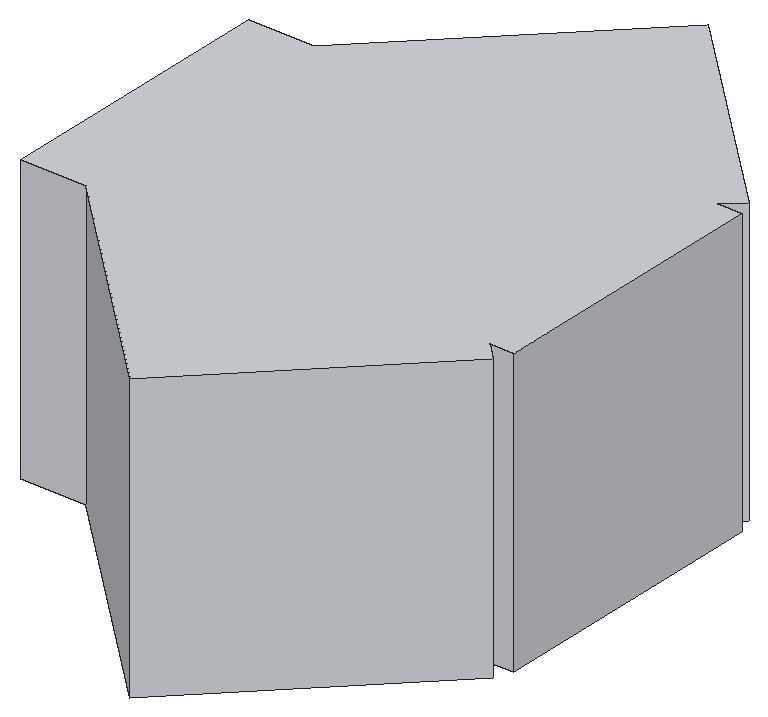
Revit family "1b20f22b3a714cf0b36cb8f03e815463", category Duct Fittings, Revit 2021
Family settings
  Round Connector Dimension = Use Diameter
  Part Type = Wye
  OmniClass Number = 23.75.70.14
  OmniClass Title = Air Ductwork
  Seek Item ID = Rectangular Double Wye-0000-USA-ENU
  Work Plane-Based = No
  Always vertical = Yes
  Cut with Voids When Loaded = No
  Shared = No
Parameters (values of type "Standard")
  Duct Width 4 [instance] = 12"
  Duct Width 3 [instance] = 12"
  Duct Width 1 [instance] = 12"
  built-in parameter 1114242 [instance] = 1
  Shoulder = 1"
  Length4a [instance] = if(Angle4 = 90.00°, (Duct Width 1 / 2), (Duct Width 1 / 2) / sin(Angle4) + (Duct Width 4) / (tan(Angle4) * 2))  # 14.48528"
  Length4 [instance] = Length4a + Shoulder  # 15.48528"
  Length3a [instance] = if(Angle3 = 90.00°, (Duct Width 1 / 2), (Duct Width 1 / 2) / sin(Angle3) + (Duct Width 3) / (tan(Angle3) * 2))  # 14.48528"
  Length3 [instance] = Length3a + Shoulder  # 15.48528"
  Length2b [instance] = (Length4a) * cos(Angle4) + (sin(Angle4) * (Duct Width 4 / 2))  # 14.48528"
  Length2 [instance] = Length2c + Shoulder  # 15.48528"
  Length2a [instance] = (Length3a) * cos(Angle3) + (sin(Angle3) * (Duct Width 3 / 2))  # 14.48528"
  Length1b [instance] = Duct Width 3 * sin(Angle3) / 2  # 4.24264"
  Length1a [instance] = Duct Width 4 * sin(Angle4) / 2  # 4.24264"
  Length1 [instance] = if(Length1a > Length1b, Length1a + Shoulder, Length1b + Shoulder)  # 5.24264"
  Length2c [instance] = if(Length2b > Length2a, Length2b, Length2a)  # 14.48528"
  Duct Height [instance] = 12"
  Default Elevation = 0' - 0"
  Angle4 [instance] = 45.00°
  Angle3 [instance] = 45.00°
Reference planes (in)
  plane 1 "Center (Front/Back)": y = 0
  plane 2: z = 0
  plane 3 "Center (Left/Right)": x = 0
  plane 4: x = -5.24264
  plane 5: x = 15.48528
  plane 6: x = -10.48528
Forms (in)
  Sweep 1, solid, detail levels medium+fine
    path in 3D
      loop
        line (-5.24264, 0, 0) -> (0, 0, 0)
    profile "Duct - Rectangular : Duct - Rectangular 1" origin (-2.62132, 0, 0) x (0, 1, 0) y (0, 0, 1)
      loop
        line (-6, 6) -> (-6, -6) -> (6, -6) -> (6, 6) -> (-6, 6)
  Sweep 2, solid, detail levels medium+fine
    path in 3D
      loop
        line (0, 0, 0) -> (15.48528, 0, 0)
    profile "Duct - Rectangular : Duct - Rectangular 1" origin (7.74264, 0, 0) x (0, 1, 0) y (0, 0, 1)
      loop
        line (-6, 6) -> (-6, -6) -> (6, -6) -> (6, 6) -> (-6, 6)
  Sweep 3, solid, detail levels medium+fine
    path in 3D
      loop
        line (0, 0, 0) -> (10.94975, 10.94975, 0)
    profile "Duct - Rectangular : Duct - Rectangular 3" origin (5.47487, 5.47487, 0) x (-0.707107, 0.707107, 0) y (0, 0, 1)
      loop
        line (-6, 6) -> (-6, -6) -> (6, -6) -> (6, 6) -> (-6, 6)
  Sweep 4, solid, detail levels medium+fine
    path in 3D
      loop
        line (0, 0, 0) -> (10.94975, -10.94975, 0)
    profile "Duct - Rectangular : Duct - Rectangular 4" origin (5.47487, -5.47487, 0) x (0.707107, 0.707107, 0) y (0, 0, 1)
      loop
        line (-6, 6) -> (-6, -6) -> (6, -6) -> (6, 6) -> (-6, 6)
  Sweep 5, void, detail levels coarse
    path in 3D
      loop
        line (-5.24264, 0, 0) -> (-10.48528, 0, 0)
    profile "Duct - Rectangular : Duct - Rectangular 1" origin (-7.86396, 0, 0) x (0, -1, 0) y (0, 0, 1)
      loop
        line (-6, 6) -> (-6, -6) -> (6, -6) -> (6, 6) -> (-6, 6)
Cuts and joins
  Sweep 5 cuts Sweep 1
  Sweep 5 cuts Sweep 2
  Sweep 5 cuts Sweep 3
  Sweep 5 cuts Sweep 4
  joined: Sweep 1, Sweep 2, Sweep 3, Sweep 4
Lines and regions (in)
  reference lines
    curve 1: line (-5.24264, 0, 0) -> (0, 0, 0)
    curve 2: line (0, 0, 0) -> (15.48528, 0, 0)
    curve 3: line (0, 0, 0) -> (10.94975, 10.94975, 0)
    curve 4: line (0, 0, 0) -> (10.94975, -10.94975, 0)
    curve 13: line (-5.24264, 0, 0) -> (-10.48528, 0, 0)
  sketch lines
    curve 5: line (-5.24264, 0, 0) -> (0, 0, 0)
    curve 6: line (0, 0, 0) -> (15.48528, 0, 0)
    curve 7: line (0, 0, 0) -> (10.94975, 10.94975, 0)
    curve 8: line (0, 0, 0) -> (10.94975, -10.94975, 0)
    curve 14: line (-5.24264, 0, 0) -> (-10.48528, 0, 0)
  model lines, style "DuctFitting", detail levels coarse
    curve 9: line (-5.24264, 0, 0) -> (0, 0, 0)
    curve 10: line (0, 0, 0) -> (10.94975, 10.94975, 0)
    curve 11: line (0, 0, 0) -> (15.48528, 0, 0)
    curve 12: line (0, 0, 0) -> (10.94975, -10.94975, 0)
Dimensions and locks (in)
  "Length4": curve 4 to curve 4
  "Length3": curve 3 to curve 3
  "Length1": plane 4 to plane 3 "Center (Left/Right)"
  "Length2": plane 3 "Center (Left/Right)" to plane 5
  "Length3": curve 10 to curve 10
  "Length4": curve 12 to curve 12
  "Length1": plane 6 to plane 4
  "Angle3": angle plane 1 "Center (Front/Back)" to curve 3
  "Angle4": angle curve 4 to plane 1 "Center (Front/Back)"
  aligned and locked: plane 4 to curve 1
  aligned and locked: plane 1 "Center (Front/Back)" to curve 1
  aligned and locked: plane 5 to curve 2
  aligned and locked: plane 3 "Center (Left/Right)" to curve 2
  aligned and locked: plane 1 "Center (Front/Back)" to curve 2
  aligned and locked: curve 1 to curve 9
  aligned and locked: curve 10 to curve 3
  aligned and locked: curve 12 to curve 4
  aligned and locked: plane 4 to curve 9
  aligned and locked: plane 5 to curve 11
  aligned and locked: plane 6 to curve 13
Connectors (in)
  hvac at (-5.24264, 0, 0), driven by "Duct Height", driven by "Duct Width 1"
    settings: on Sweep 1, index 1, duct flow 0 CFM, flow factor 0, pres drop 0.00 in-wg, loss coef 0, conn angle 0.00°, conn width 12", conn height 12", conn diameter 24", duct sys type 28, conn prof type 1, flow config 0, flow direction 0, loss method 0, conn ref index 2, conn util no, is conn primary yes, conn desc ""
  hvac at (15.48528, 0, 0), driven by "Duct Height", driven by "Duct Width 1"
    settings: on Sweep 2, index 2, duct flow 0 CFM, flow factor 0, pres drop 0.00 in-wg, loss coef 0, conn angle 0.00°, conn width 12", conn height 12", conn diameter 24", duct sys type 28, conn prof type 1, flow config 0, flow direction 0, loss method 0, conn ref index 1, conn util no, is conn primary no, conn desc ""
  hvac at (10.94975, 10.94975, 0), driven by "Angle3", driven by "Duct Height", driven by "Duct Width 3"
    settings: on Sweep 3, index 3, duct flow 0 CFM, flow factor 0, pres drop 0.00 in-wg, loss coef 0, conn angle 45.00°, conn width 12", conn height 12", conn diameter 24", duct sys type 28, conn prof type 1, flow config 0, flow direction 0, loss method 0, conn ref index -1, conn util no, is conn primary no, conn desc ""
  hvac at (10.94975, -10.94975, 0), driven by "Angle4", driven by "Duct Height", driven by "Duct Width 4"
    settings: on Sweep 4, index 4, duct flow 0 CFM, flow factor 0, pres drop 0.00 in-wg, loss coef 0, conn angle 45.00°, conn width 12", conn height 12", conn diameter 24", duct sys type 28, conn prof type 1, flow config 0, flow direction 0, loss method 0, conn ref index -1, conn util no, is conn primary no, conn desc ""
